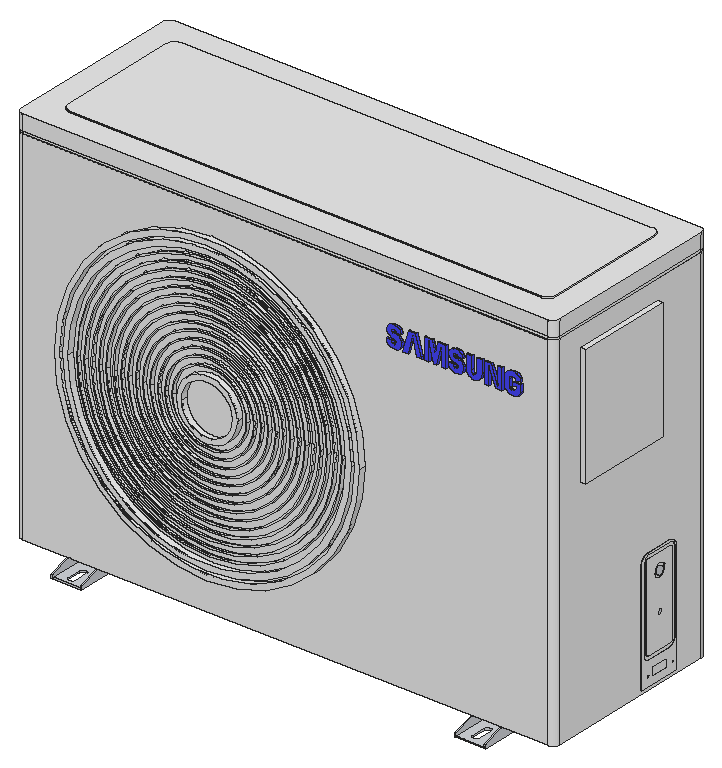
Revit family "EU_SINGLE_ODU_Q_Ver.1.0", category Mechanical Equipment, Revit 2016
Family settings
  Part Type = Normal
  Round Connector Dimension = Use Radius
  Work Plane-Based = No
  Always vertical = Yes
  Cut with Voids When Loaded = No
  Shared = No
  Room Calculation Point = No
Parameters (values of type "Single Heat Pump, 5.2kW, 220-240, R32, AC052RNCDKG/EU")
  Water Flow Rate(HEATING) [instance] = "0.00 LPM"
  Water Flow Rate(COOLING) [instance] = "0.00 LPM"
  Water Connection Radius [instance] = "0.00 Φ, mm"
  Voltage [instance] = "220 V"
  URL = "www.samsung.com"
  Total Heating Capacity [instance] = 6 kW
  Total Cooling Capacity [instance] = 5 kW
  System Served = "-"
  Subscribe for Update Alerts = "-"
  Sound Pressure(Cooling) [instance] = "48.00 dB(A)"
  Sound Power(Cooling) [instance] = "62.00 dB(A)"
  Simultaneous Cooling and Heating Efficiency(SCOP) [instance] = "3.9 (A) SCOP"
  Serial Number = "-"
  Sales Rep Locator = "-"
  Refrigerant Type = "R32"
  Refrigerant Suction Gas Connection Radius [instance] = Refrigerant Suction Gas Connection Diameter / 2  # 6.35 mm
  Refrigerant Suction Gas Connection Offset Left [instance] = 211.493 mm
  Refrigerant Suction Gas Connection Offset Bottom [instance] = 168.422 mm
  Refrigerant Suction Gas Connection Diameter [instance] = 12.70 mm
  Refrigerant Liquid Connection Radius [instance] = Refrigerant Liquid Connection Diameter / 2  # 3.175 mm
  Refrigerant Liquid Connection Offset Left [instance] = 211.493 mm
  Refrigerant Liquid Connection Offset Bottom [instance] = 108.398 mm
  Refrigerant Liquid Connection Diameter [instance] = 6.35 mm
  Refrigerant High Pressure Gas Connection Radius [instance] = Refrigerant High Pressure Gas Connection Diameter / 2  # 0.00 mm
  Refrigerant High Pressure Gas Connection Offset Bottom [instance] = 0.00 mm
  Refrigerant High Pressure Gas Connection Left [instance] = 0.00 mm
  Refrigerant High Pressure Gas Connection Diameter [instance] = 0.00 mm
  Refrigerant Charge [instance] = 1.20 kg
  Product Page URL = "-"
  Product Name [instance] = "Single"
  Product Documentation Link = "-"
  Power Input Heationg [instance] = 1.92 kW
  Power Input Cooling [instance] = 1.58 kW
  Power Connection Width [instance] = 157.007 mm
  Power Connection Offset Left [instance] = 130.188 mm
  Power Connection Offset Bottom [instance] = 465.913 mm
  Power Connection Height [instance] = 196.50 mm
  Phase [instance] = 1
  Operating Mode [instance] = "Heat pump"
  Number of poles [instance] = "-"
  Notes = "-"
  Net Weight = 43.80 kg
  Net Dimensions Width [instance] = 880.00 mm
  Net Dimensions Height [instance] = 638.00 mm
  Net Dimensions Depth [instance] = 310.00 mm
  Model/Referance Indoor Unit [instance] = "AC052RNCDKG/EU"
  Model = "AC052RXADKG/EU"
  Minimum Circuit Ampere(MCA) [instance] = 17.5 A
  Maximum Vertical Refrigerant Pipe Length Below Unit [instance] = 0.00 mm
  Maximum Vertical Refrigerant Pipe Length Above Unit [instance] = 0.00 mm
  Maximum Rated Over Protection Device [instance] = "Fuse"
  Maximum Over Protection(MOP) [instance] = 20.6 A
  Max OperationPressure [instance] = "0.00 Mpa"
  Manufacturer Metadata = "-"
  Manufacturer = "SAMSUNG"
  Low Temperature Heating Standard Rating Capacity [instance] = 0 kW
  Low Temperature Coefficient of Performance [instance] = "-"
  Location = "-"
  Length of Interconnecting Refrigerant Pipe [instance] = 0.00 mm
  Integrated Energy Efficiency Ratio(SEER) [instance] = "6.4 (A++) CSPF"
  High Temperature Cooling Standard Rating Capacity [instance] = 0 kW
  High Temperature Coefficient of Performance [instance] = "-"
  Friction Head Loss [instance] = "0.00 kPa"
  Frequency [instance] = 50 Hz
  Free Content Downloads = "-"
  Fan Grill Radius = 0.00 mm
  Fan Grill Diameter = Fan Grill Radius * 2  # 0.00 mm
  Family Load Status [instance] = "Valid - Type loaded via type catalog"
  External Static Pressure [instance] = "0.00 mmAq"
  Equipment Finish [instance] = Ivory
  Energy Efficiency Rating [instance] = "3.16 EER"
  Discharge Air Flow [instance] = "40.00 CMM"
  Designation = "-"
  Design Ambient Winter Wet Bulb Temperature [instance] = 6 °C
  Design Ambient Winter Dry Bulb Temperature [instance] = 7 °C
  Design Ambient Summer Dry Bulb Temperature [instance] = 35 °C
  Design Ambient Heating Water Outlet Temperature [instance] = "0.00 ℃"
  Design Ambient Heating Water Inlet Temperature [instance] = "0.00 ℃"
  Design Ambient Cooling Water Outlet Temperature [instance] = "0.00 ℃"
  Design Ambient Cooling Water Inlet Temperature [instance] = "0.00 ℃"
  Current Input Heating [instance] = 8.5 A
  Current Input Cooling [instance] = 7.2 A
  Condenser Type [instance] = "-"
  Compressor Type [instance] = "Twin BLDC"
  Combination Ratio [instance] = "0.00 %"
  Coefficient of Performance [instance] = "3.13 COP"
  Clearance Value Instructions [instance] = "Enter clearance values based on project installation conditions using the relevant technical data book"
  Clearance Type [instance] = Do not Include Clearance : Do not Include Clearance
  Clearance Offset Top [instance] = 0.00 mm
  Clearance Offset Right [instance] = 0.00 mm
  Clearance Offset Left [instance] = 0.00 mm
  Clearance Offset Front [instance] = 0.00 mm
  Clearance Offset Back [instance] = 0.00 mm
  Actual Vertical Refrigerant Pipe Length Below Unit [instance] = 0.00 mm
  Actual Vertical Refrigerant Pipe Length Above Unit [instance] = 0.00 mm
Types (9, lengths in mm): name | Water Flow Rate(HEATING) | Water Flow Rate(COOLING) | Water Connection Radius | Voltage | Total Heating Capacity | Total Cooling Capacity | Sound Pressure(Cooling) | Simultaneous Cooling and Heating Efficiency(SCOP) | Refrigerant Type | Refrigerant Charge | Product Name | Power Input Heationg | Power Input Cooling | Phase | Operating Mode | Model/Referance Indoor Unit | Model | Minimum Circuit Ampere(MCA) | Maximum Over Protection(MOP) | Max OperationPressure | Integrated Energy Efficiency Ratio(SEER) | Friction Head Loss | Equipment Finish | Energy Efficiency Rating | Design Ambient Heating Water Outlet Temperature | Design Ambient Heating Water Inlet Temperature | Design Ambient Cooling Water Outlet Temperature | Design Ambient Cooling Water Inlet Temperature | Current Input Heating | Current Input Cooling | Condenser Type | Compressor Type | Coefficient of Performance
  (no name) | "0.00 LPM" | "0.00 LPM" | "0.00 Φ, mm" | "220 V" | 6 kW | 5 kW | "48.00 dB(A)" | "3.9 (A) SCOP" | "R32" | 1.20 kg | "Single" | 1.92 kW | 1.58 kW | 1 | "Heat pump" | "AC052RNCDKG/EU" | "AC052RXADKG/EU" | 17.5 A | 20.6 A | "0.00 Mpa" | "6.4 (A++) CSPF" | "0.00 kPa" | Ivory | "3.16 EER" | "0.00 ℃" | "0.00 ℃" | "0.00 ℃" | "0.00 ℃" | 8.5 A | 7.2 A | "-" | "Twin BLDC" | "3.13 COP"
  5.00 kW, 220-240V, HEAT PUMP | "" | "" | "" | "220-240 V" | 0 kW | 5 kW | "48.00 dB(A)" | "0.00 SCOP" | "R410A" | 1.30 kg | "SINGLE OUTDOOR Q" | 0 kW | 0 kW | 1 | "HEAT PUMP" | "" | "AC052MXADKH/EU" | 0 A | 0 A | "" | "0.00 SEER" | "" | Ivory | "0.00 EER" | "" | "" | "" | "" | 0 A | 0 A | "" | "Twin BLDC Rotary" | "0.00 COP"
  5.80 kW, 220-240V, HEAT PUMP | "" | "" | "" | "220-240 V" | 0 kW | 5.8 kW | "49.00 dB(A)" | "0.00 SCOP" | "R410A" | 1.30 kg | "SINGLE OUTDOOR Q" | 0 kW | 0 kW | 1 | "HEAT PUMP" | "" | "AC060MXADKH/EU" | 0 A | 0 A | "" | "0.00 SEER" | "" | Ivory | "0.00 EER" | "" | "" | "" | "" | 0 A | 0 A | "" | "Twin BLDC Rotary" | "0.00 COP"
  Single Heat Pump, 5.2kW, 220-240, R32, AC052RNNDKG/EU | "0.00 LPM" | "0.00 LPM" | "0.00 Φ, mm" | "220 V" | 5.5 kW | 5 kW | "48.00 dB(A)" | "4.2 (A+) SCOP" | "R32" | 1.20 kg | "Single" | 1.52 kW | 1.53 kW | 1 | "Heat pump" | "AC052RNNDKG/EU" | "AC052RXADKG/EU" | 17.5 A | 20.6 A | "0.00 Mpa" | "6.7  (A++) CSPF" | "0.00 kPa" | Earth brown | "3.27 EER" | "0.00 ℃" | "0.00 ℃" | "0.00 ℃" | "0.00 ℃" | 7 A | 7 A | "-" | "Twin BLDC" | "3.62 COP"
  Single Heat Pump, 5.2kW, 220-240, R32, AC052RN4DKG/EU | "0.00 LPM" | "0.00 LPM" | "0.00 Φ, mm" | "220 V" | 6 kW | 5 kW | "48.00 dB(A)" | "4.3 (A+) SCOP" | "R32" | 1.20 kg | "Single" | 1.49 kW | 1.43 kW | 1 | "Heat pump" | "AC052RN4DKG/EU" | "AC052RXADKG/EU" | 17.5 A | 20.6 A | "0.00 Mpa" | "7.6 (A++) CSPF" | "0.00 kPa" | Earth brown | "3.5 EER" | "0.00 ℃" | "0.00 ℃" | "0.00 ℃" | "0.00 ℃" | 6.8 A | 6.5 A | "-" | "Twin BLDC" | "4.03 COP"
  Single Heat Pump, 5.2kW, 220-240, R32, AC052RNLDKG/EU | "0.00 LPM" | "0.00 LPM" | "0.00 Φ, mm" | "380 V" | 6 kW | 5 kW | "48.00 dB(A)" | "3.9 (A+) SCOP" | "R32" | 1.20 kg | "Single" | 1.74 kW | 1.69 kW | 3 | "Heat pump" | "AC052RNLDKG/EU" | "AC052RXADKG/EU" | 18.2 A | 20.6 A | "0.00 Mpa" | "6.1 (A++) CSPF" | "0.00 kPa" | Ivory | "2.96 EER" | "0.00 ℃" | "0.00 ℃" | "0.00 ℃" | "0.00 ℃" | 7.8 A | 7.7 A | "-" | "Twin BLDC" | "3.45 COP"
  Single Heat Pump, 5.2kW, 220-240, R32, AC052RNMDKG/EU | "0.00 LPM" | "0.00 LPM" | "0.00 Φ, mm" | "220 V" | 6 kW | 5 kW | "48.00 dB(A)" | "4.1 (A+) SCOP" | "R32" | 1.20 kg | "Single" | 1.64 kW | 1.6 kW | 1 | "Heat pump" | "AC052RNMDKG/EU" | "AC052RXADKG/EU" | 19 A | 20.9 A | "0.00 Mpa" | "6.3 (A++) CSPF" | "0.00 kPa" | Ivory | "3.13 EER" | "0.00 ℃" | "0.00 ℃" | "0.00 ℃" | "0.00 ℃" | 7.4 A | 7.2 A | "-" | "Twin BLDC" | "3.66 COP"
  Single Heat Pump, 5.2kW, 220-240, R32, AC052RNADKG/EU | "0.00 LPM" | "0.00 LPM" | "0.00 Φ, mm" | "220 V" | 6 kW | 5 kW | "48.00 dB(A)" | "3.9 (A) SCOP" | "R32" | 1.20 kg | "Single" | 2.15 kW | 2.2 kW | 1 | "Heat pump" | "AC052RNADKG/EU" | "AC052RXADKG/EU" | 18.1 A | 20.6 A | "0.00 Mpa" | "6.2 (A++) CSPF" | "0.00 kPa" | Ivory | "2.27 EER" | "0.00 ℃" | "0.00 ℃" | "0.00 ℃" | "0.00 ℃" | 9.4 A | 9.5 A | "-" | "Twin BLDC" | "2.79 COP"
  Single Heat Pump, 5.2kW, 220-240, R32, AC052RNCDKG/EU | "0.00 LPM" | "0.00 LPM" | "0.00 Φ, mm" | "220 V" | 6 kW | 5 kW | "48.00 dB(A)" | "3.9 (A) SCOP" | "R32" | 1.20 kg | "Single" | 1.92 kW | 1.58 kW | 1 | "Heat pump" | "AC052RNCDKG/EU" | "AC052RXADKG/EU" | 17.5 A | 20.6 A | "0.00 Mpa" | "6.4 (A++) CSPF" | "0.00 kPa" | Ivory | "3.16 EER" | "0.00 ℃" | "0.00 ℃" | "0.00 ℃" | "0.00 ℃" | 8.5 A | 7.2 A | "-" | "Twin BLDC" | "3.13 COP"
Reference planes
  plane 1 "Center (Front/Back)": y = 0
  plane 2 "base": z = 0
  plane 3 "Center (Left/Right)": x = 0
  plane 4 "c": x = -440
  plane 5 "d": x = 440
  plane 6: y = 155
  plane 7: y = -155
  plane 8: z = 638
  plane 9: z = 15.082
  plane 10: x = -120
  plane 11: z = 317.986
  plane 12: y = -174.293
  plane 13: y = -103.316
  plane 14: y = 53.691
  plane 15: z = 382.746
  plane 16: z = 579.246
  plane 17: y = 20.128
  plane 18: y = 90.668
  plane 19: z = 60.734
  plane 20: z = 218.232
  plane 21: x = 450
  plane 22: z = 183.504
  plane 23: y = 56.398
  plane 24: z = 123.48
  plane 25: y = 56.493
  plane 26: z = 480.996
  plane 27: y = -24.812
Forms (mm)
  Extrusion 1, solid, material "Ivory"
    sketch origin (0, 0, 0) x (1, 0, 0) y (0, 1, 0)
      loop
        arc (-428.945, 155) -> (-436.7, 151.824) -> (-440, 144.12) r 11.056
        line (-440, 144.12) -> (-440, -144.12)
        arc (-440, -144.12) -> (-436.7, -151.824) -> (-428.945, -155) r 11.056
        line (-428.945, -155) -> (428.945, -155)
        arc (428.945, -155) -> (436.7, -151.824) -> (440, -144.12) r 11.056
        line (440, -144.12) -> (440, 144.12)
        arc (440, 144.12) -> (436.7, 151.824) -> (428.945, 155) r 11.056
        line (428.945, 155) -> (-428.945, 155)
    from 638 <- "Net Dimensions Height" to 15.082
  Extrusion 2, solid, material "Ivory"
    sketch origin (0, 0, 0) x (0, 1, 0) y (0, 0, 1)
      loop
        line (-103.316, 579.246) -> (-103.316, 382.746) -> (53.691, 382.746) -> (53.691, 579.246) -> (-103.316, 579.246)
    from 450 to 440.055
  Extrusion 3, solid
    sketch origin (440, 0, 0) x (0, 1, 0) y (0, 0, 1)
      loop
        circle (56.458, 183.504) r 6.35
    from 2.54 to 0
  Extrusion 4, solid
    sketch origin (440, 0, 0) x (0, 1, 0) y (0, 0, 1)
      loop
        circle (56.613, 123.48) r 3.175
    from 2.54 to 0
  Extrusion 5, solid
    sketch origin (0, 0, 0) x (0, 1, 0) y (0, 0, 1)
      loop
        line (-190.26, 5) -> (-190.26, 0) -> (175.86, 0) -> (175.86, 5) -> (143.597, 15.082) -> (-157.997, 15.082) -> (-190.26, 5)
    from 354.945 to 352.945
  Extrusion 6, solid
    sketch origin (-48, 0, 0) x (0, 1, 0) y (0, 0, 1)
      loop
        line (-190.26, 5) -> (-190.26, 0) -> (175.86, 0) -> (175.86, 5) -> (143.597, 15.082) -> (-157.997, 15.082) -> (-190.26, 5)
    from 354.945 to 352.945
  Extrusion 7, solid
    sketch origin (0, 0, 0) x (1, 0, 0) y (0, 1, 0)
      loop
        line (306.945, 175.86) -> (306.945, -190.26) -> (352.945, -190.26) -> (352.945, 175.86) -> (306.945, 175.86)
    from 2 to 0
  Extrusion 8, void
    sketch origin (0, 0, 0) x (1, 0, 0) y (0, 1, 0)
      loop
        arc (323.945, -176.32) -> (329.945, -182.32) -> (335.945, -176.32) r 6
        line (335.945, -176.32) -> (335.945, -155.12)
        arc (335.945, -155.12) -> (329.945, -149.12) -> (323.945, -155.12) r 6
        line (323.945, -155.12) -> (323.945, -176.32)
      loop
        line (323.945, 163.8) -> (323.945, 142.6)
        arc (323.945, 142.6) -> (329.945, 136.6) -> (335.945, 142.6) r 6
        line (335.945, 142.6) -> (335.945, 163.8)
        arc (335.945, 163.8) -> (329.945, 169.8) -> (323.945, 163.8) r 6
    from 11.834 to -25.4
  Extrusion 9, solid
    sketch origin (-708, 0, 0) x (0, 1, 0) y (0, 0, 1)
      loop
        line (-190.26, 5) -> (-190.26, 0) -> (175.86, 0) -> (175.86, 5) -> (143.597, 15.082) -> (-157.997, 15.082) -> (-190.26, 5)
    from 355.055 to 353.055
  Extrusion 10, solid
    sketch origin (-660, 0, 0) x (0, 1, 0) y (0, 0, 1)
      loop
        line (-190.26, 5) -> (-190.26, 0) -> (175.86, 0) -> (175.86, 5) -> (143.597, 15.082) -> (-157.997, 15.082) -> (-190.26, 5)
    from 355.055 to 353.055
  Extrusion 11, solid
    sketch origin (0, 0, 0) x (1, 0, 0) y (0, 1, 0)
      loop
        line (-352.945, -190.26) -> (-306.945, -190.26) -> (-306.945, 175.86) -> (-352.945, 175.86) -> (-352.945, -190.26)
    from 2 to 0
  Extrusion 12, void
    sketch origin (0, 0, 0) x (1, 0, 0) y (0, 1, 0)
      loop
        line (-323.945, 142.6) -> (-323.945, 163.8)
        arc (-323.945, 163.8) -> (-329.945, 169.8) -> (-335.945, 163.8) r 6
        line (-335.945, 163.8) -> (-335.945, 142.6)
        arc (-335.945, 142.6) -> (-329.945, 136.6) -> (-323.945, 142.6) r 6
      loop
        arc (-323.945, -157.12) -> (-329.945, -151.12) -> (-335.945, -157.12) r 6
        line (-335.945, -157.12) -> (-335.945, -178.32)
        arc (-335.945, -178.32) -> (-329.945, -184.32) -> (-323.945, -178.32) r 6
        line (-323.945, -178.32) -> (-323.945, -157.12)
    from 8.676 to -25.4
  Extrusion 13, solid, material "Ivory"
    sketch origin (-440, 0, 0) x (0, 1, 0) y (0, 0, 1)
      loop
        line (119.093, 599.33) -> (27.193, 599.33)
        arc (27.193, 599.33) -> (20.263, 596.459) -> (17.393, 589.53) r 9.8
        line (17.393, 589.53) -> (17.393, 551.53)
        arc (17.393, 551.53) -> (20.263, 544.6) -> (27.193, 541.73) r 9.8
        line (27.193, 541.73) -> (119.093, 541.73)
        arc (119.093, 541.73) -> (126.022, 544.6) -> (128.893, 551.53) r 9.8
        line (128.893, 551.53) -> (128.893, 589.53)
        arc (128.893, 589.53) -> (126.022, 596.459) -> (119.093, 599.33) r 9.8
      loop
        line (-4.407, 599.33) -> (-96.307, 599.33)
        arc (-96.307, 599.33) -> (-103.237, 596.459) -> (-106.107, 589.53) r 9.8
        line (-106.107, 589.53) -> (-106.107, 551.53)
        arc (-106.107, 551.53) -> (-103.237, 544.6) -> (-96.307, 541.73) r 9.8
        line (-96.307, 541.73) -> (-4.407, 541.73)
        arc (-4.407, 541.73) -> (2.522, 544.6) -> (5.393, 551.53) r 9.8
        line (5.393, 551.53) -> (5.393, 589.53)
        arc (5.393, 589.53) -> (2.522, 596.459) -> (-4.407, 599.33) r 9.8
      loop
        line (119.093, 529.73) -> (27.193, 529.73)
        arc (27.193, 529.73) -> (20.263, 526.859) -> (17.393, 519.93) r 9.8
        line (17.393, 519.93) -> (17.393, 481.93)
        arc (17.393, 481.93) -> (20.263, 475) -> (27.193, 472.13) r 9.8
        line (27.193, 472.13) -> (119.093, 472.13)
        arc (119.093, 472.13) -> (126.022, 475) -> (128.893, 481.93) r 9.8
        line (128.893, 481.93) -> (128.893, 519.93)
        arc (128.893, 519.93) -> (126.022, 526.859) -> (119.093, 529.73) r 9.8
      loop
        line (-4.407, 529.73) -> (-96.307, 529.73)
        arc (-96.307, 529.73) -> (-103.237, 526.859) -> (-106.107, 519.93) r 9.8
        line (-106.107, 519.93) -> (-106.107, 481.93)
        arc (-106.107, 481.93) -> (-103.237, 475) -> (-96.307, 472.13) r 9.8
        line (-96.307, 472.13) -> (-4.407, 472.13)
        arc (-4.407, 472.13) -> (2.522, 475) -> (5.393, 481.93) r 9.8
        line (5.393, 481.93) -> (5.393, 519.93)
        arc (5.393, 519.93) -> (2.522, 526.859) -> (-4.407, 529.73) r 9.8
      loop
        line (-4.407, 460.13) -> (-96.307, 460.13)
        arc (-96.307, 460.13) -> (-103.237, 457.259) -> (-106.107, 450.33) r 9.8
        line (-106.107, 450.33) -> (-106.107, 412.33)
        arc (-106.107, 412.33) -> (-103.237, 405.4) -> (-96.307, 402.53) r 9.8
        line (-96.307, 402.53) -> (-4.407, 402.53)
        arc (-4.407, 402.53) -> (2.522, 405.4) -> (5.393, 412.33) r 9.8
        line (5.393, 412.33) -> (5.393, 450.33)
        arc (5.393, 450.33) -> (2.522, 457.259) -> (-4.407, 460.13) r 9.8
      loop
        line (119.093, 460.13) -> (27.193, 460.13)
        arc (27.193, 460.13) -> (20.263, 457.259) -> (17.393, 450.33) r 9.8
        line (17.393, 450.33) -> (17.393, 412.33)
        arc (17.393, 412.33) -> (20.263, 405.4) -> (27.193, 402.53) r 9.8
        line (27.193, 402.53) -> (119.093, 402.53)
        arc (119.093, 402.53) -> (126.022, 405.4) -> (128.893, 412.33) r 9.8
        line (128.893, 412.33) -> (128.893, 450.33)
        arc (128.893, 450.33) -> (126.022, 457.259) -> (119.093, 460.13) r 9.8
      loop
        line (119.093, 390.53) -> (27.193, 390.53)
        arc (27.193, 390.53) -> (20.263, 387.659) -> (17.393, 380.73) r 9.8
        line (17.393, 380.73) -> (17.393, 342.73)
        arc (17.393, 342.73) -> (20.263, 335.8) -> (27.193, 332.93) r 9.8
        line (27.193, 332.93) -> (119.093, 332.93)
        arc (119.093, 332.93) -> (126.022, 335.8) -> (128.893, 342.73) r 9.8
        line (128.893, 342.73) -> (128.893, 380.73)
        arc (128.893, 380.73) -> (126.022, 387.659) -> (119.093, 390.53) r 9.8
      loop
        line (-4.407, 390.53) -> (-96.307, 390.53)
        arc (-96.307, 390.53) -> (-103.237, 387.659) -> (-106.107, 380.73) r 9.8
        line (-106.107, 380.73) -> (-106.107, 342.73)
        arc (-106.107, 342.73) -> (-103.237, 335.8) -> (-96.307, 332.93) r 9.8
        line (-96.307, 332.93) -> (-4.407, 332.93)
        arc (-4.407, 332.93) -> (2.522, 335.8) -> (5.393, 342.73) r 9.8
        line (5.393, 342.73) -> (5.393, 380.73)
        arc (5.393, 380.73) -> (2.522, 387.659) -> (-4.407, 390.53) r 9.8
      loop
        line (-96.307, 263.33) -> (-4.407, 263.33)
        arc (-4.407, 263.33) -> (2.522, 266.2) -> (5.393, 273.13) r 9.8
        line (5.393, 273.13) -> (5.393, 311.13)
        arc (5.393, 311.13) -> (2.522, 318.059) -> (-4.407, 320.93) r 9.8
        line (-4.407, 320.93) -> (-96.307, 320.93)
        arc (-96.307, 320.93) -> (-103.237, 318.059) -> (-106.107, 311.13) r 9.8
        line (-106.107, 311.13) -> (-106.107, 273.13)
        arc (-106.107, 273.13) -> (-103.237, 266.2) -> (-96.307, 263.33) r 9.8
      loop
        line (27.193, 263.33) -> (119.093, 263.33)
        arc (119.093, 263.33) -> (126.022, 266.2) -> (128.893, 273.13) r 9.8
        line (128.893, 273.13) -> (128.893, 311.13)
        arc (128.893, 311.13) -> (126.022, 318.059) -> (119.093, 320.93) r 9.8
        line (119.093, 320.93) -> (27.193, 320.93)
        arc (27.193, 320.93) -> (20.263, 318.059) -> (17.393, 311.13) r 9.8
        line (17.393, 311.13) -> (17.393, 273.13)
        arc (17.393, 273.13) -> (20.263, 266.2) -> (27.193, 263.33) r 9.8
      loop
        line (119.093, 251.33) -> (27.193, 251.33)
        arc (27.193, 251.33) -> (20.263, 248.459) -> (17.393, 241.53) r 9.8
        line (17.393, 241.53) -> (17.393, 203.53)
        arc (17.393, 203.53) -> (20.263, 196.6) -> (27.193, 193.73) r 9.8
        line (27.193, 193.73) -> (119.093, 193.73)
        arc (119.093, 193.73) -> (126.022, 196.6) -> (128.893, 203.53) r 9.8
        line (128.893, 203.53) -> (128.893, 241.53)
        arc (128.893, 241.53) -> (126.022, 248.459) -> (119.093, 251.33) r 9.8
      loop
        line (-4.407, 251.33) -> (-96.307, 251.33)
        arc (-96.307, 251.33) -> (-103.237, 248.459) -> (-106.107, 241.53) r 9.8
        line (-106.107, 241.53) -> (-106.107, 203.53)
        arc (-106.107, 203.53) -> (-103.237, 196.6) -> (-96.307, 193.73) r 9.8
        line (-96.307, 193.73) -> (-4.407, 193.73)
        arc (-4.407, 193.73) -> (2.522, 196.6) -> (5.393, 203.53) r 9.8
        line (5.393, 203.53) -> (5.393, 241.53)
        arc (5.393, 241.53) -> (2.522, 248.459) -> (-4.407, 251.33) r 9.8
      loop
        line (-106.107, 171.93) -> (-106.107, 133.93)
        arc (-106.107, 133.93) -> (-103.237, 127) -> (-96.307, 124.13) r 9.8
        line (-96.307, 124.13) -> (-4.407, 124.13)
        arc (-4.407, 124.13) -> (2.522, 127) -> (5.393, 133.93) r 9.8
        line (5.393, 133.93) -> (5.393, 171.93)
        arc (5.393, 171.93) -> (2.522, 178.859) -> (-4.407, 181.73) r 9.8
        line (-4.407, 181.73) -> (-96.307, 181.73)
        arc (-96.307, 181.73) -> (-103.237, 178.859) -> (-106.107, 171.93) r 9.8
      loop
        line (17.393, 171.93) -> (17.393, 133.93)
        arc (17.393, 133.93) -> (20.263, 127) -> (27.193, 124.13) r 9.8
        line (27.193, 124.13) -> (119.093, 124.13)
        arc (119.093, 124.13) -> (126.022, 127) -> (128.893, 133.93) r 9.8
        line (128.893, 133.93) -> (128.893, 171.93)
        arc (128.893, 171.93) -> (126.022, 178.859) -> (119.093, 181.73) r 9.8
        line (119.093, 181.73) -> (27.193, 181.73)
        arc (27.193, 181.73) -> (20.263, 178.859) -> (17.393, 171.93) r 9.8
      loop
        line (17.393, 102.33) -> (17.393, 64.33)
        arc (17.393, 64.33) -> (20.263, 57.4) -> (27.193, 54.53) r 9.8
        line (27.193, 54.53) -> (119.093, 54.53)
        arc (119.093, 54.53) -> (126.022, 57.4) -> (128.893, 64.33) r 9.8
        line (128.893, 64.33) -> (128.893, 102.33)
        arc (128.893, 102.33) -> (126.022, 109.259) -> (119.093, 112.13) r 9.8
        line (119.093, 112.13) -> (27.193, 112.13)
        arc (27.193, 112.13) -> (20.263, 109.259) -> (17.393, 102.33) r 9.8
      loop
        line (5.393, 64.33) -> (5.393, 102.33)
        arc (5.393, 102.33) -> (2.522, 109.259) -> (-4.407, 112.13) r 9.8
        line (-4.407, 112.13) -> (-96.307, 112.13)
        arc (-96.307, 112.13) -> (-103.237, 109.259) -> (-106.107, 102.33) r 9.8
        line (-106.107, 102.33) -> (-106.107, 64.33)
        arc (-106.107, 64.33) -> (-103.237, 57.4) -> (-96.307, 54.53) r 9.8
        line (-96.307, 54.53) -> (-4.407, 54.53)
        arc (-4.407, 54.53) -> (2.522, 57.4) -> (5.393, 64.33) r 9.8
    from 0 to -2.54
  Sweep 14, void
    path in 3D
      loop
        arc (428.945, -155, 638) -> (436.7, -151.824, 638) -> (440, -144.12, 638) r 11.056
        line (440, -144.12, 638) -> (440, 144.12, 638)
        arc (440, 144.12, 638) -> (436.7, 151.824, 638) -> (428.945, 155, 638) r 11.056
        line (428.945, 155, 638) -> (-428.945, 155, 638)
        arc (-428.945, 155, 638) -> (-436.7, 151.824, 638) -> (-440, 144.12, 638) r 11.056
        line (-440, 144.12, 638) -> (-440, -144.12, 638)
        arc (-440, -144.12, 638) -> (-436.7, -151.824, 638) -> (-428.945, -155, 638) r 11.056
        line (-428.945, -155, 638) -> (428.945, -155, 638)
    profile origin (0, -155, 638) x (0, 1, 0) y (0, 0, 1)
      loop
        line (0, -24.048) -> (0, -28.549) -> (0.94, -28.549) -> (0.94, -24.048) -> (0, -24.048)
  Extrusion 15, solid, material "Ivory"
    sketch origin (0, 0, 0) x (1, 0, 0) y (0, 1, 0)
      loop
        arc (-384.145, 114.14) -> (-394.752, 109.747) -> (-399.145, 99.14) r 15
        line (-399.145, 99.14) -> (-399.145, -99.26)
        arc (-399.145, -99.26) -> (-394.752, -109.867) -> (-384.145, -114.26) r 15
        line (-384.145, -114.26) -> (384.145, -114.26)
        arc (384.145, -114.26) -> (394.752, -109.867) -> (399.145, -99.26) r 15
        line (399.145, -99.26) -> (399.145, 99.14)
        arc (399.145, 99.14) -> (394.752, 109.747) -> (384.145, 114.14) r 15
        line (384.145, 114.14) -> (-384.145, 114.14)
    from 638 to 639.452
Cuts and joins
  Extrusion 8 cuts Extrusion 7
  Extrusion 12 cuts Extrusion 11
  Sweep 14 cuts Extrusion 1
Lines and regions (mm)
  sketch lines
    curve 1: line (-428.945, -155, 638) -> (428.945, -155, 638)
    curve 2: arc (440, -144.12, 638) -> (436.7, -151.824, 638) -> (428.945, -155, 638) r 11.056
    curve 3: line (440, -144.12, 638) -> (440, 144.12, 638)
    curve 4: arc (428.945, 155, 638) -> (436.7, 151.824, 638) -> (440, 144.12, 638) r 11.056
    curve 5: line (428.945, 155, 638) -> (-428.945, 155, 638)
    curve 6: arc (-428.945, -155, 638) -> (-436.7, -151.824, 638) -> (-440, -144.12, 638) r 11.056
    curve 7: line (-440, 144.12, 638) -> (-440, -144.12, 638)
    curve 8: arc (-440, 144.12, 638) -> (-436.7, 151.824, 638) -> (-428.945, 155, 638) r 11.056
Dimensions and locks
  equal spacing: plane 6, plane 1 "Center (Front/Back)", plane 7
  equal spacing: plane 4 "c", plane 3 "Center (Left/Right)", plane 5 "d"
  "Net Dimensions Width": plane 4 "c" to plane 5 "d"
  "Net Dimensions Depth": plane 6 to plane 7
  "Net Dimensions Height": plane 8 to plane 2 "base"
  locked: plane 9 to plane 2 "base" at 15.082
  locked: plane 7 to plane 12 at 19.293
  "Power Connection Width": plane 13 to plane 14
  locked: plane 21 to plane 5 "d" at 10
  "Refrigerant Suction Gas Connection Offset Left": plane 7 to plane 25
  "Refrigerant Suction Gas Connection Offset Bottom": plane 22 to plane 9
  "Refrigerant Liquid Connection Offset Bottom": plane 24 to plane 9
  "Refrigerant Liquid Connection Offset Left": plane 7 to plane 25
  equal spacing: plane 16, plane 26, plane 15
  "Power Connection Height": plane 16 to plane 15
  "Power Connection Offset Bottom": plane 26 to plane 9
  "Power Connection Offset Left": plane 7 to plane 27
  plane 13 to plane 27 to plane 14 = 78.504 mm, 78.504 mm
  locked: plane 5 "d" to Extrusion 5 at 85.055
  locked: Extrusion 5 to Extrusion 6 at 46
  locked: Extrusion 5 to Extrusion 5 at 2
  locked: Extrusion 6 to Extrusion 6 at 2
  locked: Extrusion 9 to Extrusion 9 at 2
  locked: Extrusion 10 to Extrusion 10 at 2
  locked: plane 4 "c" to Extrusion 9 at 85.055
  locked: Extrusion 9 to Extrusion 10 at 46
  locked: Extrusion 13 to plane 4 "c" at 2.54
  locked: Extrusion 15 to Extrusion 15 at 1.452
  locked: Extrusion 3 sketch curve to plane 6 at 98.542
  locked: Extrusion 4 sketch curve to plane 6 at 98.387
  locked: nested 2 to plane 6 at 73.278
  locked: plane 8 to nested 3 at 101.6
  locked: plane 21 to nested 3 at 93.394
  "Refrigerant Suction Gas Connection Radius": radius of Extrusion 3 sketch curve
  "Refrigerant Liquid Connection Radius": radius of Extrusion 4 sketch curve
  radius of Extrusion 1 sketch curve = 11.056 mm  (x4)
  aligned and locked: level to plane 2 "base"
  aligned and locked: Extrusion 1 sketch curve to plane 6
  aligned and locked: plane 4 "c" to Extrusion 1 sketch curve
  aligned and locked: plane 7 to Extrusion 1 sketch curve
  aligned and locked: Extrusion 1 sketch curve to plane 5 "d"
  aligned and locked: Extrusion 1 to plane 9
  aligned and locked: Extrusion 2 sketch curve to plane 16
  aligned and locked: Extrusion 2 sketch curve to plane 13
  aligned and locked: plane 15 to Extrusion 2 sketch curve
  aligned and locked: plane 14 to Extrusion 2 sketch curve
  aligned and locked: plane 21 to Extrusion 2
  aligned and locked: Extrusion 2 to plane 15
  aligned and locked: plane 16 to Extrusion 2
  aligned and locked: nested 1 to plane 10
  aligned and locked: Extrusion 15 to plane 8
Automatic sketch dimensions
  Extrusion 7 sketch curve to plane 12 = 15.967 mm
  plane 6 to Extrusion 7 sketch curve = 20.86 mm
  Extrusion 8 sketch curve to plane 12 = 2.027 mm
  Extrusion 8 sketch curve to plane 6 = 12.40 mm
  Extrusion 8 sketch curve to Extrusion 8 sketch curve = 6.00 mm  (x2)
  Extrusion 8 sketch curve to plane 7 = 0.12 mm
  plane 6 to Extrusion 8 sketch curve = 8.80 mm
  Extrusion 1 sketch curve to Extrusion 1 sketch curve = 11.055 mm  (x4)
  Extrusion 5 sketch curve to level = 0.00 mm
  Extrusion 5 sketch curve to plane 9 = 0.00 mm
  level to Extrusion 5 sketch curve = 5.00 mm  (x2)
  Extrusion 5 sketch curve to plane 12 = 15.967 mm
  Extrusion 5 sketch curve to plane 7 = 2.997 mm
  Extrusion 5 sketch curve to plane 6 = 11.403 mm
  plane 6 to Extrusion 5 sketch curve = 20.86 mm
  Extrusion 6 sketch curve to level = 0.00 mm
  Extrusion 6 sketch curve to plane 9 = 0.00 mm
  level to Extrusion 6 sketch curve = 5.00 mm
  Extrusion 6 sketch curve to plane 12 = 15.967 mm
  Extrusion 6 sketch curve to plane 7 = 2.997 mm
  Extrusion 6 sketch curve to plane 6 = 11.403 mm
  plane 6 to Extrusion 6 sketch curve = 20.86 mm
  Extrusion 6 sketch curve to Extrusion 6 sketch curve = 5.00 mm
  Extrusion 9 sketch curve to level = 0.00 mm
  Extrusion 9 sketch curve to plane 9 = 0.00 mm
  level to Extrusion 9 sketch curve = 5.00 mm
  Extrusion 9 sketch curve to plane 12 = 15.967 mm
  Extrusion 9 sketch curve to plane 7 = 2.997 mm
  Extrusion 9 sketch curve to plane 6 = 11.403 mm
  plane 6 to Extrusion 9 sketch curve = 20.86 mm
  Extrusion 9 sketch curve to Extrusion 9 sketch curve = 5.00 mm
  Extrusion 10 sketch curve to level = 0.00 mm
  Extrusion 10 sketch curve to plane 9 = 0.00 mm
  level to Extrusion 10 sketch curve = 5.00 mm
  Extrusion 10 sketch curve to plane 12 = 15.967 mm
  Extrusion 10 sketch curve to plane 7 = 2.997 mm
  Extrusion 10 sketch curve to plane 6 = 11.403 mm
  plane 6 to Extrusion 10 sketch curve = 20.86 mm
  Extrusion 10 sketch curve to Extrusion 10 sketch curve = 5.00 mm
  plane 6 to Extrusion 11 sketch curve = 20.86 mm
  plane 4 "c" to Extrusion 11 sketch curve = 87.055 mm
  Extrusion 11 sketch curve to Extrusion 11 sketch curve = 46.00 mm
  Extrusion 11 sketch curve to plane 12 = 15.967 mm
  Extrusion 12 sketch curve to plane 7 = 2.12 mm
  plane 4 "c" to Extrusion 12 sketch curve = 104.055 mm  (x2)
  plane 6 to Extrusion 12 sketch curve = 8.80 mm
  Extrusion 12 sketch curve to Extrusion 12 sketch curve = 6.00 mm  (x2)
  Extrusion 12 sketch curve to plane 12 = 4.027 mm
  Extrusion 12 sketch curve to plane 6 = 12.40 mm
  plane 13 to Extrusion 13 sketch curve = 2.792 mm  (x8)
  plane 26 to Extrusion 13 sketch curve = 0.934 mm  (x4)
  Extrusion 13 sketch curve to plane 13 = 7.008 mm  (x16)
  plane 24 to Extrusion 13 sketch curve = 0.65 mm  (x2)
  plane 19 to Extrusion 13 sketch curve = 3.595 mm  (x3)
  Extrusion 13 sketch curve to plane 15 = 2.016 mm
  plane 1 "Center (Front/Back)" to Extrusion 13 sketch curve = 4.407 mm  (x16)
  Extrusion 13 sketch curve to plane 1 "Center (Front/Back)" = 5.393 mm  (x6)
  Extrusion 13 sketch curve to plane 17 = 2.735 mm  (x8)
  plane 17 to Extrusion 13 sketch curve = 7.065 mm  (x16)
  Extrusion 13 sketch curve to plane 22 = 1.774 mm
  plane 18 to Extrusion 13 sketch curve = 28.425 mm  (x9)
  Extrusion 13 sketch curve to plane 24 = 11.35 mm
  Extrusion 13 sketch curve to Extrusion 13 sketch curve = 0.00 mm  (x9)
  plane 16 to Extrusion 13 sketch curve = 10.284 mm  (x2)
  plane 11 to Extrusion 13 sketch curve = 2.943 mm
  plane 19 to Extrusion 13 sketch curve = 3.596 mm
  plane 15 to Extrusion 13 sketch curve = 7.784 mm
  Extrusion 13 sketch curve to Extrusion 13 sketch curve = 9.80 mm  (x5)
  Extrusion 13 sketch curve to plane 11 = 6.857 mm  (x2)
  Extrusion 13 sketch curve to plane 24 = 21.15 mm
  Extrusion 13 sketch curve to plane 22 = 11.574 mm
  plane 22 to Extrusion 13 sketch curve = 10.226 mm  (x2)
  plane 20 to Extrusion 13 sketch curve = 23.298 mm  (x2)
  Extrusion 13 sketch curve to Extrusion 13 sketch curve = 12.00 mm  (x8)
  Extrusion 13 sketch curve to Extrusion 13 sketch curve = 21.80 mm
  Extrusion 13 sketch curve to Extrusion 13 sketch curve = 38.00 mm
  Extrusion 7 sketch curve to plane 5 "d" = 133.055 mm
  Extrusion 7 sketch curve to Extrusion 7 sketch curve = 46.00 mm
  Extrusion 8 sketch curve to plane 5 "d" = 116.055 mm  (x2)
  Sweep 14 sketch curve to profile plane = 0.94 mm
  Sweep 14 sketch curve to profile plane = 24.048 mm
  Sweep 14 sketch curve to Sweep 14 sketch curve = 4.501 mm
  Sweep 14 sketch curve to profile plane = 0.00 mm
  Extrusion 3 sketch curve to plane 22 = 0.00 mm
  Extrusion 4 sketch curve to plane 24 = 0.00 mm
  Extrusion 15 sketch curve to plane 13 = 4.056 mm  (x2)
  plane 4 "c" to Extrusion 15 sketch curve = 40.855 mm
  Extrusion 15 sketch curve to Extrusion 15 sketch curve = 15.00 mm  (x2)
  Extrusion 15 sketch curve to plane 5 "d" = 55.855 mm  (x2)
  plane 18 to Extrusion 15 sketch curve = 8.472 mm
Nested families
  nested 1: "Fan Grill" at (-120, -155, 317.986) x (-1, 0, 0) z (0, -1, 0), type "Fan Grill"
  nested 2: "connection_cover" at (440, 55.058, 23) x (0, 1, 0) z (1, 0, 0), type "connection_cover"
  nested 3: "Samsung_CI" at (278.075, -155, 536.4) x (1, 0, 0) z (0, -1, 0), type "Samsung_CI"
Connectors
  electrical at (440.055, -24.812, 480.996)
    settings: on Extrusion 2, index 1, voltage 0 V, apparent load 0 VA, apparent load phase1 0 VA, apparent load phase2 0 VA, apparent load phase3 0 VA, power factor 1, load classification "Other", number of poles 1, system type 14, power factor state 1, is connector primary yes, connector utility no, sub classification motor no, connector description ""
  piping at (442.54, 56.458, 183.504), diameter 12.7, driven by "Refrigerant Suction Gas Connection Radius"
    settings: on Extrusion 3, index 2, connector inside diameter 22 mm, connector length 0.00 mm, flow factor 0, pipe flow 0.0 L/s, pressure drop 0.00 Pa, fitting loss kfactor 0, connector angle 0.00°, fixture units 0, engagement length 0.00 mm, angle of deflection 0.00°, flow configuration 0, flow direction 0, fitting loss method 0, system type 19, joint type 0, gender type 0, connector reference index -1, connector utility 0, adjustable connector no, is connector primary yes, connector description ""
  piping at (442.54, 56.613, 123.48), diameter 6.35, driven by "Refrigerant Liquid Connection Radius"
    settings: on Extrusion 4, index 3, connector inside diameter 15 mm, connector length 0.00 mm, flow factor 0, pipe flow 0.0 L/s, pressure drop 0.00 Pa, fitting loss kfactor 0, connector angle 0.00°, fixture units 0, engagement length 0.00 mm, angle of deflection 0.00°, flow configuration 0, flow direction 0, fitting loss method 0, system type 19, joint type 0, gender type 0, connector reference index -1, connector utility 0, adjustable connector no, is connector primary no, connector description ""
Definition of nested family "Fan Grill"
  Parameters
    Default Elevation = 1219.20 mm
  Reference planes
    plane 1 "중심(앞/뒤)": y = 0
    plane 2: z = 0
    plane 3 "중심(왼쪽/오른쪽)": x = 0
  Forms (mm)
    Extrusion 1, solid
      sketch origin (0, 0, 0) x (1, 0, 0) y (0, 1, 0)
        loop
          line (-1219.2, 1219.2) -> (-1219.2, -1219.2) -> (1219.2, -1219.2) -> (1219.2, 1219.2) -> (-1219.2, 1219.2)
      from 0 to -304.8
    Extrusion 2, solid
      sketch origin (0, 0, 0) x (1, 0, 0) y (0, 1, 0)
        loop
          circle (0, 0) r 41.486
        loop
          circle (0, 0) r 49.421
        loop
          circle (0, 0) r 249.915
        loop
          circle (0, 0) r 241.339
        loop
          circle (0, 0) r 236.341
        loop
          circle (0, 0) r 227.423
      from 0 to 10
    Extrusion 3, solid
      sketch origin (0, 0, 0) x (1, 0, 0) y (0, 1, 0)
        loop
          circle (0, 0) r 119.684
        loop
          circle (0, 0) r 121.234
        loop
          circle (0, 0) r 109.237
        loop
          circle (0, 0) r 107.689
        loop
          circle (0, 0) r 97.241
        loop
          circle (0, 0) r 95.693
        loop
          circle (0, 0) r 85.244
        loop
          circle (0, 0) r 83.698
        loop
          circle (0, 0) r 73.247
        loop
          circle (0, 0) r 71.703
        loop
          circle (0, 0) r 61.251
        loop
          circle (0, 0) r 59.708
        loop
          circle (0, 0) r 133.275
        loop
          circle (0, 0) r 131.63
        loop
          circle (0, 0) r 145.278
        loop
          circle (0, 0) r 143.626
        loop
          circle (0, 0) r 157.724
        loop
          circle (0, 0) r 155.664
        loop
          circle (0, 0) r 215.607
        loop
          circle (0, 0) r 203.611
        loop
          circle (0, 0) r 191.63
        loop
          circle (0, 0) r 179.644
        loop
          circle (0, 0) r 167.655
        loop
          circle (0, 0) r 169.723
        loop
          circle (0, 0) r 181.644
        loop
          circle (0, 0) r 193.63
        loop
          circle (0, 0) r 205.611
        loop
          circle (0, 0) r 217.607
      from 0 to 5
  Dimensions and locks
    aligned and locked: plane 2 to Extrusion 1
    aligned and locked: level to Extrusion 1
Definition of nested family "connection_cover"
  Parameters
    Default Elevation = 1219.20 mm
  Reference planes
    plane 1 "중심(앞/뒤)": y = 0
    plane 2: z = 0
    plane 3 "중심(왼쪽/오른쪽)": x = 0
  Forms (mm)
    Extrusion 1, solid
      sketch origin (0, 0, 0) x (1, 0, 0) y (0, 1, 0)
        loop
          line (-1219.2, 1219.2) -> (-1219.2, -1219.2) -> (1219.2, -1219.2) -> (1219.2, 1219.2) -> (-1219.2, 1219.2)
      from 0 to -304.8
    Extrusion 2, solid
      sketch origin (0, 0, 0) x (1, 0, 0) y (0, 1, 0)
        loop
          line (-31.77, 180.939) -> (-31.77, 50.069)
          arc (-31.77, 50.069) -> (-28.157, 41.347) -> (-19.435, 37.734) r 12.335
          line (-19.435, 37.734) -> (21.435, 37.734)
          arc (21.435, 37.734) -> (30.157, 41.347) -> (33.77, 50.069) r 12.335
          line (33.77, 50.069) -> (33.77, 180.939)
          arc (33.77, 180.939) -> (30.157, 189.661) -> (21.435, 193.274) r 12.335
          line (21.435, 193.274) -> (-19.435, 193.274)
          arc (-19.435, 193.274) -> (-28.157, 189.661) -> (-31.77, 180.939) r 12.335
        loop
          line (-24.664, 182.493) -> (-24.664, 48.516)
          arc (-24.664, 48.516) -> (-23.587, 45.917) -> (-20.989, 44.84) r 3.675
          line (-20.989, 44.84) -> (22.989, 44.84)
          arc (22.989, 44.84) -> (25.587, 45.917) -> (26.664, 48.516) r 3.675
          line (26.664, 48.516) -> (26.664, 182.493)
          arc (26.664, 182.493) -> (25.587, 185.092) -> (22.989, 186.168) r 3.675
          line (22.989, 186.168) -> (-20.989, 186.168)
          arc (-20.989, 186.168) -> (-23.587, 185.092) -> (-24.664, 182.493) r 3.675
        loop
          line (-35.27, 0) -> (35.27, 0) -> (35.27, 181.974)
          arc (35.27, 181.974) -> (31.374, 191.379) -> (21.97, 195.274) r 13.3
          line (21.97, 195.274) -> (-21.97, 195.274)
          arc (-21.97, 195.274) -> (-31.374, 191.379) -> (-35.27, 181.974) r 13.3
          line (-35.27, 181.974) -> (-35.27, 0)
        loop
          circle (-22.198, 15) r 3
        loop
          circle (28.802, 15) r 2.5
        loop
          arc (-14.898, 12) -> (-14.605, 11.293) -> (-13.898, 11) r 1
          line (-13.898, 11) -> (15.502, 11)
          arc (15.502, 11) -> (16.209, 11.293) -> (16.502, 12) r 1
          line (16.502, 12) -> (16.502, 25.5) -> (-14.898, 25.5) -> (-14.898, 12)
        loop
          circle (1.4, 160.504) r 11
        loop
          circle (1.555, 100.48) r 3.175
      from 0 to 2.54
  Dimensions and locks
    aligned and locked: plane 2 to Extrusion 1
    aligned and locked: level to Extrusion 1
Definition of nested family "Samsung_CI"
  Parameters
    Default Elevation = 1219.20 mm
  Reference planes
    plane 1 "Center (Front/Back)": y = 0
    plane 2: z = 0
    plane 3 "Center (Left/Right)": x = 0
  Forms (mm)
    Extrusion 1, solid
      sketch origin (0, 0, 0) x (1, 0, 0) y (0, 1, 0)
        loop
          line (-1219.2, 1219.2) -> (-1219.2, -1219.2) -> (1219.2, -1219.2) -> (1219.2, 1219.2) -> (-1219.2, 1219.2)
      from 0 to -304.8
    Extrusion 2, solid
      sketch origin (-7.098, 0, 0) x (1, 0, 0) y (0, 1, 0)
        loop
          line (-76.291, -26.142) -> (-67.356, -26.142) -> (-61.002, 3.247) -> (-54.466, -26.142) -> (-45.431, -26.142) -> (-54.799, 7.669) -> (-66.916, 7.669) -> (-76.291, -26.142)
        loop
          line (-41.04, -25.876) -> (-33.608, -25.876) -> (-33.608, 5.196) -> (-26.716, -25.791) -> (-20.456, -25.791) -> (-13.752, 5.215) -> (-13.752, -25.876) -> (-6.31, -25.876) -> (-6.31, 7.934) -> (-19.084, 7.934) -> (-23.526, -12.607) -> (-28.094, 7.934) -> (-41.04, 7.934) -> (-41.04, -25.876)
        loop
          line (57.812, -26.142) -> (64.626, -26.142) -> (64.626, 3.399) -> (75.242, -26.142) -> (85.629, -26.142) -> (85.629, 7.669) -> (78.801, 7.669) -> (78.801, -20.971) -> (68.509, 7.669) -> (57.812, 7.669) -> (57.812, -26.142)
        loop
          arc (95.86, -25.21) -> (103.456, -27.044) -> (111.052, -25.21) r 16.651
          arc (111.052, -25.21) -> (114.906, -22.566) -> (116.39, -18.135) r 7.358
          line (116.39, -18.135) -> (116.39, -6.862) -> (103.564, -6.862) -> (103.564, -12.471) -> (109.423, -12.471) -> (109.423, -15.94)
          arc (109.423, -15.94) -> (105.016, -19.372) -> (99.619, -17.929) r 6.273
          arc (99.619, -17.929) -> (98.729, -16.724) -> (98.414, -15.26) r 3.559
          line (98.414, -15.26) -> (98.414, -3.225)
          arc (98.414, -3.225) -> (98.704, -1.818) -> (99.526, -0.64) r 3.559
          arc (99.526, -0.64) -> (104.602, 0.604) -> (108.263, -3.126) r 5.281
          line (108.263, -3.126) -> (115.999, -3.126)
          arc (115.999, -3.126) -> (116.162, -0.522) -> (115.549, 2.013) r 8.728
          arc (115.549, 2.013) -> (113.292, 5.411) -> (109.894, 7.669) r 10.314
          arc (109.894, 7.669) -> (101.735, 8.702) -> (94.149, 5.527) r 15.921
          arc (94.149, 5.527) -> (91.132, 1.795) -> (90.054, -2.88) r 10.677
          line (90.054, -2.88) -> (90.054, -15.709)
          arc (90.054, -15.709) -> (91.62, -21.276) -> (95.86, -25.21) r 10.677
        loop
          line (27.59, 7.669) -> (27.59, -13.222)
          arc (27.59, -13.222) -> (40.459, -26.092) -> (53.329, -13.222) r 12.869
          line (53.329, -13.222) -> (53.329, 7.669) -> (44.591, 7.669) -> (44.591, -13.222)
          arc (44.591, -13.222) -> (40.459, -18.298) -> (36.327, -13.222) r 4.22
          line (36.327, -13.222) -> (36.327, 7.669) -> (27.59, 7.669)
        loop
          arc (15.811, 7.709) -> (9.891, 8.417) -> (4.077, 7.094) r 17.479
          arc (4.077, 7.094) -> (0.747, 3.888) -> (-0.978, -0.4) r 11.038
          arc (-0.978, -0.4) -> (-0.282, -5.627) -> (3.274, -9.52) r 8.809
          arc (3.274, -9.52) -> (7.175, -11.43) -> (11.308, -12.766) r 30.476
          arc (11.308, -12.766) -> (13.557, -14.229) -> (15.02, -16.478) r 6.474
          arc (15.02, -16.478) -> (12.166, -19.759) -> (7.936, -18.749) r 4.197
          arc (7.936, -18.749) -> (7.153, -17.589) -> (6.878, -16.217) r 3.559
          line (6.878, -16.217) -> (6.878, -14.247) -> (-1.461, -14.247) -> (-1.461, -17.167)
          arc (-1.461, -17.167) -> (-1.197, -19.274) -> (-0.421, -21.252) r 8.542
          arc (-0.421, -21.252) -> (1.897, -24.085) -> (5.09, -25.876) r 9.845
          arc (5.09, -25.876) -> (11.295, -26.78) -> (17.423, -25.445) r 17.561
          arc (17.423, -25.445) -> (22.52, -20.727) -> (23.341, -13.831) r 10.05
          arc (23.341, -13.831) -> (21.193, -9.271) -> (17.402, -5.95) r 12.339
          arc (17.402, -5.95) -> (13.731, -4.846) -> (10.001, -3.967) r 63.581
          arc (10.001, -3.967) -> (7.164, -1.067) -> (9.754, 2.055) r 3.03
          arc (9.754, 2.055) -> (11.585, 1.875) -> (13.12, 0.861) r 3.824
          arc (13.12, 0.861) -> (14.174, -0.556) -> (14.276, -2.319) r 3.077
          line (14.276, -2.319) -> (21.907, -2.319) -> (21.907, -0.475)
          arc (21.907, -0.475) -> (20.215, 4.627) -> (15.811, 7.709) r 8.542
        loop
          arc (-85.63, 7.709) -> (-91.55, 8.417) -> (-97.364, 7.094) r 17.479
          arc (-97.364, 7.094) -> (-100.694, 3.888) -> (-102.419, -0.4) r 11.038
          arc (-102.419, -0.4) -> (-101.723, -5.627) -> (-98.167, -9.52) r 8.809
          arc (-98.167, -9.52) -> (-94.266, -11.43) -> (-90.134, -12.766) r 30.476
          arc (-90.134, -12.766) -> (-87.884, -14.229) -> (-86.421, -16.478) r 6.474
          arc (-86.421, -16.478) -> (-89.276, -19.759) -> (-93.506, -18.749) r 4.197
          arc (-93.506, -18.749) -> (-94.289, -17.589) -> (-94.564, -16.217) r 3.559
          line (-94.564, -16.217) -> (-94.564, -14.247) -> (-102.902, -14.247) -> (-102.902, -17.167)
          arc (-102.902, -17.167) -> (-102.638, -19.274) -> (-101.862, -21.252) r 8.542
          arc (-101.862, -21.252) -> (-99.544, -24.085) -> (-96.352, -25.876) r 9.845
          arc (-96.352, -25.876) -> (-90.146, -26.78) -> (-84.019, -25.445) r 17.561
          arc (-84.019, -25.445) -> (-78.921, -20.727) -> (-78.101, -13.831) r 10.05
          arc (-78.101, -13.831) -> (-80.248, -9.271) -> (-84.039, -5.95) r 12.339
          arc (-84.039, -5.95) -> (-87.71, -4.846) -> (-91.44, -3.967) r 63.581
          arc (-91.44, -3.967) -> (-94.277, -1.067) -> (-91.688, 2.055) r 3.03
          arc (-91.688, 2.055) -> (-89.857, 1.875) -> (-88.322, 0.861) r 3.824
          arc (-88.322, 0.861) -> (-87.267, -0.556) -> (-87.165, -2.319) r 3.077
          line (-87.165, -2.319) -> (-79.535, -2.319) -> (-79.535, -0.475)
          arc (-79.535, -0.475) -> (-81.226, 4.627) -> (-85.63, 7.709) r 8.542
      from 0 to 3
  Dimensions and locks
    aligned and locked: plane 2 to Extrusion 1
    aligned and locked: level to Extrusion 1
